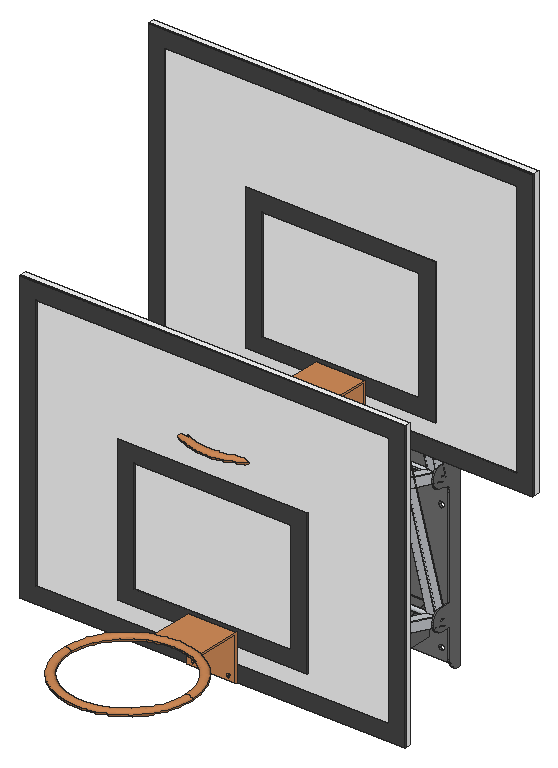
Revit family "väggbasket_auto", category Generic Models, Revit 2017
Family settings
  Can host rebar = No
  Round Connector Dimension = Use Diameter
  Part Type = Normal
  Work Plane-Based = No
  Always vertical = Yes
  Cut with Voids When Loaded = No
  Shared = No
  Room Calculation Point = No
Parameters (values of type "Basket 1200x900")
  hojd_tavla = 900 mm
  bredd_tavla = 1200 mm
  URL = "www.saxi.se"
  Model = "Väggbasket Auto 1800x1050"
  Manufacturer = "Saxi Vägg AB"
Types (3, lengths in mm): name | hojd_tavla | bredd_tavla
  (no name) | 900 | 1200
  Basket 1800x1050 | 1050 | 1800
  Basket 1200x900 | 900 | 1200
Reference planes
  plane 1 "Center (Front/Back)": y = 0
  plane 2: z = 0
  plane 3 "Center (Left/Right)": x = 0
  plane 4 "senior": z = 3050
Lines and regions (mm)
  reference lines
    curve 1: line (0, 134.522, 2989.751) -> (0, -708.663, 3231.53)
    curve 2: line (0, 134.522, 2989.751) -> (0, -103.905, 2158.259)
    curve 3: line (0, 589.292, 2694.725) -> (0, 370.688, 3264.209)
    curve 4: line (0, 925.045, 1896.529) -> (0, 547.265, 3214.006)
    curve 5: line (0, 739.522, 2764.751) -> (0, 618.247, 3372.774)
    curve 6: line (0, 739.522, 2764.751) -> (0, 170.378, 2609.264)
    curve 7: line (0, 925.045, 1896.529) -> (0, 925.045, 3360.046)
Dimensions and locks
  locked: plane 4 "senior" to level at 3050
  locked: nested 5 to plane 1 "Center (Front/Back)" at 800
  nested 5 to plane 2 = 2650 mm
  nested 11 to level = 3384 mm
  nested 5 to nested 11 = 300 mm
  locked: plane 4 "senior" to curve 1 (angle 16.00°)
  aligned and locked: level to plane 2
Nested families
  nested 1: "korg" at (0, 0, 3049.5) x (-1, 0, 0) z (0, 0, 1), type "korg"
  nested 2: "tavelram_auto" at (0, 20, 3480) x (-1, 0, 0) z (0, 0, 1), type "tavelram_auto"
  nested 3: "vikdel" at (125.149, 756.161, 2776.406) x (-1, 0, 0) z (0, -0.2756, -0.9613), type "vikdel"
  nested 4: "vikdel2" at (-124.851, 35.272, 3386.092) x (1, 0, 0) z (0, -0.2756, -0.9613), type "vikdel2"
  nested 5: "vägginfästning" at (0, 800, 2615), type "vägginfästning"
  nested 6: "sidostag" at (-31.25, 579.013, 3060.147) x (0, -0.3584, 0.9336) z (1, 0, 0), type "sidostag"
  nested 7: "gasfjäder" at (7.846, 677.055, 2681.861) x (1, 0, 0) z (0, -0.2756, 0.9613), type "gasfjäder"
  nested 8: "tavlaautoadjust" at (0, 2, 2900) x (-1, 0, 0) z (0, 0, 1), type "tavlaautoadjust"
    with hojd 900 mm, half_hojd 450 mm, half_bredd 600 mm, bredd 1200 mm, H 900 mm, B 1200 mm
  nested 9: "korg" at (0, 500, 3533.5) x (-1, 0, 0) z (0, 0, 1), type "korg"
  nested 10: "tavelram_auto" at (0, 521, 3964) x (-1, 0, 0) z (0, 0, 1), type "tavelram_auto"
  nested 11: "tavlaautoadjust" at (0, 502, 3384) x (-1, 0, 0) z (0, 0, 1), type "tavlaautoadjust"
    with hojd 900 mm, half_hojd 450 mm, half_bredd 600 mm, bredd 1200 mm, H 900 mm, B 1200 mm
  nested 12: "vikdel" at (-126.13, 558.241, 3481.301) x (1, 0, 0) z (0, -0.9646, -0.2635), type "vikdel"
  nested 13: "vikdel2" at (-123.805, 557.099, 3880.315) x (1, 0, 0) z (0, -0.9646, -0.2635), type "vikdel2"
  nested 14: "gasfjäder_open" at (-5.318, 671.774, 2783.275), type "gasfjäder_open"
Definition of nested family "korg"
  Reference planes
    plane 1 "Center (Front/Back)": y = 0
    plane 2: z = 0
    plane 3 "Center (Left/Right)": x = 0
  Forms (mm)
    Extrusion 1, solid
      sketch origin (0, 0, 0) x (0, 1, 0) y (0, 0, 1)
        loop
          line (0, -9.5) -> (0, -149.5) -> (5, -149.5) -> (5, -14.5) -> (150, -14.5) -> (150, -9.5) -> (0, -9.5)
      from -75 to 75
    Sweep 2, solid
      path origin (0, 0, 0) x (1, 0, 0) y (0, 1, 0)
        loop
          circle (0, 330.5) r 189.5
      profile origin (0, 520, 0) x (0, -1, 0) y (0, 0, 1)
        loop
          spline (12.655, -8.5) -> (12.229, -6.3) -> (10.98, -4.25) -> (8.994, -2.49) -> (6.405, -1.139) -> (3.39, -0.29) -> (0.155, 0) -> (-3.08, -0.29) -> (-6.095, -1.139) -> (-8.684, -2.49) -> (-10.67, -4.25) -> (-11.919, -6.3) -> (-12.345, -8.5)
          spline (-12.345, -8.5) -> (-11.919, -10.7) -> (-10.67, -12.75) -> (-8.684, -14.51) -> (-6.095, -15.861) -> (-3.08, -16.71) -> (0.155, -17) -> (3.39, -16.71) -> (6.405, -15.861) -> (8.994, -14.51) -> (10.98, -12.75) -> (12.229, -10.7) -> (12.655, -8.5)
    Extrusion 3, void
      sketch origin (0, 5, -25) x (0, 0, -1) y (-1, 0, 0)
        loop
          circle (109.5, 55) r 6
        loop
          circle (109.5, -55) r 6
      from -75 to 75
  Cuts and joins
    Extrusion 3 cuts Extrusion 1
    Extrusion 3 cuts Sweep 2
    joined: Extrusion 1, Sweep 2
  Dimensions and locks
    locked: level to Extrusion 1 sketch curve at 9.5
    Extrusion 1 to Sweep 2 sketch curve = 141 mm
    Sweep 2 sketch curve to profile plane = 0 mm
    cut or joined group of Extrusion 1, Sweep 2, Extrusion 3 to Extrusion 3 sketch curve = 20 mm  (x2)
    cut or joined group of Extrusion 1, Sweep 2, Extrusion 3 to Extrusion 3 sketch curve = 15 mm  (x2)
    aligned and locked: level to plane 2
Definition of nested family "tavelram_auto"
  Reference planes
    plane 1 "Center (Front/Back)": y = 0
    plane 2: z = 0
    plane 3 "Center (Left/Right)": x = 0
  Forms (mm)
    Extrusion 1, solid
      sketch origin (0, 0, 0) x (0, 1, 0) y (0, 0, 1)
        loop
          line (0, 0) -> (0, 40) -> (-5, 40) -> (-5, 5) -> (-40, 5) -> (-40, 0) -> (0, 0)
      from -400 to 400
    Extrusion 2, solid
      sketch origin (-101.974, -40, 0) x (1, 0, 0) y (0, -1, 0)
        loop
          line (-64.026, -40) -> (-24.026, -40) -> (-24.026, 0) -> (-29.026, 0) -> (-29.026, -35) -> (-64.026, -35) -> (-64.026, -40)
      from 0 to 580
    Extrusion 3, solid
      sketch origin (101.974, -40, 0) x (1, 0, 0) y (0, -1, 0)
        loop
          line (64.026, -40) -> (64.026, -35) -> (29.026, -35) -> (29.026, 0) -> (24.026, 0) -> (24.026, -40) -> (64.026, -40)
      from 0 to 580
    Extrusion 4, solid
      sketch origin (126, -40, -72.235) x (0, 1, 0) y (0, 0, -1)
        loop
          line (40, 417.765) -> (35, 417.765) -> (35, 382.765) -> (0, 382.765) -> (0, 377.765) -> (40, 377.765) -> (40, 417.765)
      from 0 to 252
  Dimensions and locks
    plane 3 "Center (Left/Right)" to Extrusion 2 = 166 mm
    Extrusion 4 to Extrusion 1 = 450 mm
    aligned and locked: level to plane 2
Definition of nested family "vikdel"
  Parameters (values of type "vikdel")
    Default Elevation = 1219.2 mm
  Reference planes
    plane 1 "Center (Front/Back)": y = 0
    plane 2: z = 0
    plane 3 "Center (Left/Right)": x = 0
  Forms (mm)
    Extrusion 1, solid
      sketch origin (0, 0, 0) x (1, 0, 0) y (0, 0, 1)
        loop
          line (0.689, 0) -> (29.342, 0)
          arc (29.342, 0) -> (29.807, 0.193) -> (30, 0.658) r 0.658
          line (30, 0.658) -> (30, 29.007)
          arc (30, 29.007) -> (29.709, 29.709) -> (29.007, 30) r 0.993
          line (29.007, 30) -> (0.584, 30)
          arc (0.584, 30) -> (0.171, 29.829) -> (0, 29.416) r 0.584
          line (0, 29.416) -> (0, 0.689)
          arc (0, 0.689) -> (0.202, 0.202) -> (0.689, 0) r 0.689
        loop
          line (3, 3) -> (27, 3) -> (27, 27) -> (3, 27) -> (3, 3)
      from 0 to 745
    Extrusion 2, solid
      sketch origin (250, 0, 0) x (-1, 0, 0) y (0, 0, -1)
        loop
          arc (0.689, 0) -> (0.202, -0.202) -> (0, -0.689) r 0.689
          line (0, -0.689) -> (0, -29.416)
          arc (0, -29.416) -> (0.171, -29.829) -> (0.584, -30) r 0.584
          line (0.584, -30) -> (29.007, -30)
          arc (29.007, -30) -> (29.709, -29.709) -> (30, -29.007) r 0.993
          line (30, -29.007) -> (30, -0.658)
          arc (30, -0.658) -> (29.807, -0.193) -> (29.342, 0) r 0.658
          line (29.342, 0) -> (0.689, 0)
        loop
          line (3, -3) -> (3, -27) -> (27, -27) -> (27, -3) -> (3, -3)
      from 0 to 745
    Extrusion 3, solid
      sketch origin (30, 0, 0) x (0, 0, 1) y (0, -1, 0)
        loop
          circle (13.421, 12.81) r 7
      from 0 to 190
    Extrusion 4, solid
      sketch origin (30, 0, 0) x (0, 0, 1) y (0, -1, 0)
        loop
          circle (14.169, 733.249) r 7
      from 0 to 190
  Lines and regions (mm)
    reference lines
      curve 1: line (125, 0, 118.093) -> (125, 0, -46.907)
  Dimensions and locks
    curve 1 to Extrusion 1 = 95 mm
    aligned and locked: level to plane 2
Definition of nested family "vikdel2"
  Parameters (values of type "vikdel2")
    Default Elevation = 1219.2 mm
  Reference planes
    plane 1 "Center (Front/Back)": y = 0
    plane 2: z = 0
    plane 3 "Center (Left/Right)": x = 0
  Forms (mm)
    Extrusion 1, solid
      sketch origin (0, 0, 0) x (1, 0, 0) y (0, 0, 1)
        loop
          line (0.689, 0) -> (29.342, 0)
          arc (29.342, 0) -> (29.807, 0.193) -> (30, 0.658) r 0.658
          line (30, 0.658) -> (30, 29.007)
          arc (30, 29.007) -> (29.709, 29.709) -> (29.007, 30) r 0.993
          line (29.007, 30) -> (0.584, 30)
          arc (0.584, 30) -> (0.171, 29.829) -> (0, 29.416) r 0.584
          line (0, 29.416) -> (0, 0.689)
          arc (0, 0.689) -> (0.202, 0.202) -> (0.689, 0) r 0.689
        loop
          line (3, 3) -> (27, 3) -> (27, 27) -> (3, 27) -> (3, 3)
      from 0 to 745
    Extrusion 2, solid
      sketch origin (250, 0, 0) x (-1, 0, 0) y (0, 0, -1)
        loop
          arc (0.689, 0) -> (0.202, -0.202) -> (0, -0.689) r 0.689
          line (0, -0.689) -> (0, -29.416)
          arc (0, -29.416) -> (0.171, -29.829) -> (0.584, -30) r 0.584
          line (0.584, -30) -> (29.007, -30)
          arc (29.007, -30) -> (29.709, -29.709) -> (30, -29.007) r 0.993
          line (30, -29.007) -> (30, -0.658)
          arc (30, -0.658) -> (29.807, -0.193) -> (29.342, 0) r 0.658
          line (29.342, 0) -> (0.689, 0)
        loop
          line (3, -3) -> (3, -27) -> (27, -27) -> (27, -3) -> (3, -3)
      from 0 to 745
    Extrusion 3, solid
      sketch origin (30, 0, 1.25) x (0, 0, 1) y (0, -1, 0)
        loop
          circle (13.421, 12.81) r 7
      from 0 to 190
    Extrusion 4, solid
      sketch origin (30, 0, 0) x (0, 0, 1) y (0, -1, 0)
        loop
          circle (14.169, 733.249) r 7
      from 0 to 190
    Extrusion 5, solid
      sketch origin (30, 153.629, 0.892) x (0, 0, 1) y (0, -1, 0)
        loop
          circle (13.677, 521.879) r 7
      from 0 to 190
  Lines and regions (mm)
    reference lines
      curve 1: line (125, 0, 118.093) -> (125, 0, -46.907)
  Dimensions and locks
    curve 1 to Extrusion 1 = 95 mm
    Extrusion 4 to Extrusion 5 = 364.999 mm
    aligned and locked: level to plane 2
Definition of nested family "vägginfästning"
  Reference planes
    plane 1 "Center (Front/Back)": y = 0
    plane 2: z = 0
    plane 3 "Center (Left/Right)": x = 0
  Forms (mm)
    Extrusion 1, solid
      sketch origin (0, 0, 0) x (0, 1, 0) y (0, 0, 1)
        loop
          line (0, 0) -> (0, 900) -> (-5, 900) -> (-5, 0) -> (0, 0)
      from -132 to 132
    Extrusion 2, solid
      sketch origin (132, -45, -324.826) x (0, 1, 0) y (0, 0, 1)
        loop
          circle (-26, 884.826) r 6
        loop
          circle (-26, 484.826) r 6
        loop
          arc (-26, 917.326) -> (-58.5, 884.826) -> (-26, 852.326) r 32.5
          line (-26, 852.326) -> (-20, 852.326)
          arc (-20, 852.326) -> (-2.322, 845.003) -> (5, 827.326) r 25
          line (5, 827.326) -> (5, 517.326) -> (-26, 517.326)
          arc (-26, 517.326) -> (-58.5, 484.826) -> (-26, 452.326) r 32.5
          line (-26, 452.326) -> (5, 452.326) -> (5, 359.826)
          arc (5, 359.826) -> (15.251, 335.077) -> (40, 324.826) r 35
          line (40, 324.826) -> (45, 324.826) -> (45, 1224.826) -> (39.2, 1224.826)
          arc (39.2, 1224.826) -> (21.812, 1217.788) -> (14.213, 1200.638) r 25
          line (14.213, 1200.638) -> (5.787, 941.513)
          arc (5.787, 941.513) -> (-1.812, 924.363) -> (-19.2, 917.326) r 25
          line (-19.2, 917.326) -> (-26, 917.326)
      from -5 to 0
    Extrusion 3, solid
      sketch origin (-132, -45, -324.826) x (0, 1, 0) y (0, 0, -1)
        loop
          circle (-26, -884.826) r 6
        loop
          circle (-26, -484.826) r 6
        loop
          line (-26, -917.326) -> (-19.2, -917.326)
          arc (-19.2, -917.326) -> (-1.812, -924.363) -> (5.787, -941.513) r 25
          line (5.787, -941.513) -> (14.213, -1200.638)
          arc (14.213, -1200.638) -> (21.812, -1217.788) -> (39.2, -1224.826) r 25
          line (39.2, -1224.826) -> (45, -1224.826) -> (45, -324.826) -> (40, -324.826)
          arc (40, -324.826) -> (15.251, -335.077) -> (5, -359.826) r 35
          line (5, -359.826) -> (5, -452.326) -> (-26, -452.326)
          arc (-26, -452.326) -> (-58.5, -484.826) -> (-26, -517.326) r 32.5
          line (-26, -517.326) -> (5, -517.326) -> (5, -827.326)
          arc (5, -827.326) -> (-2.322, -845.003) -> (-20, -852.326) r 25
          line (-20, -852.326) -> (-26, -852.326)
          arc (-26, -852.326) -> (-58.5, -884.826) -> (-26, -917.326) r 32.5
      from -5 to 0
    Extrusion 4, void
      sketch origin (0, 0, 0) x (1, 0, 0) y (0, 0, 1)
        loop
          circle (80, 35) r 9
        loop
          circle (80, 435) r 9
        loop
          circle (80, 835) r 9
        loop
          circle (-80, 35) r 9
        loop
          circle (-80, 435) r 9
        loop
          circle (-80, 835) r 9
      from -20 to 20
    Extrusion 5, solid
      sketch origin (0, 0, 0) x (0, 1, 0) y (0, 0, 1)
        loop
          line (-5, 50) -> (-5, 150) -> (-10, 150) -> (-10, 50) -> (-5, 50)
      from -40 to 40
    Extrusion 6, solid
      sketch origin (40, 0, 0) x (0, 1, 0) y (0, 0, 1)
        loop
          circle (-226, 75) r 5
        loop
          arc (-231.569, 99.372) -> (-250.842, 72.198) -> (-226, 50) r 25
          line (-226, 50) -> (-5, 50) -> (-5, 150) -> (-10, 150) -> (-231.569, 99.372)
        loop
          circle (-127, 74.862) r 5
      from -5 to 0
    Extrusion 7, solid
      sketch origin (-40, 0, 0) x (0, 1, 0) y (0, 0, -1)
        loop
          circle (-226, -75) r 5
        loop
          line (-231.569, -99.372) -> (-10, -150) -> (-5, -150) -> (-5, -50) -> (-226, -50)
          arc (-226, -50) -> (-250.842, -72.198) -> (-231.569, -99.372) r 25
        loop
          circle (-127, -74.862) r 5
      from -5 to 0
  Cuts and joins
    Extrusion 4 cuts Extrusion 1
    Extrusion 4 cuts Extrusion 2
    Extrusion 4 cuts Extrusion 3
    joined: Extrusion 1, Extrusion 2, Extrusion 3
    joined: Extrusion 5, Extrusion 6, Extrusion 7
  Dimensions and locks
    Extrusion 1 to Extrusion 2 sketch curve = 71 mm  (x2)
    Extrusion 2 sketch curve to level = 160 mm
    Extrusion 2 sketch curve to level = 560 mm
    Extrusion 1 to Extrusion 2 sketch curve = 40 mm
    Extrusion 4 sketch curve to level = 35 mm
    Extrusion 4 sketch curve to plane 3 "Center (Left/Right)" = 80 mm
    Extrusion 6 sketch curve to cut or joined group of Extrusion 1, Extrusion 2, Extrusion 3, Extrusion 4 = 221 mm
    Extrusion 6 sketch curve to level = 75 mm
    Extrusion 6 sketch curve to cut or joined group of Extrusion 1, Extrusion 2, Extrusion 3, Extrusion 4 = 122 mm
    aligned and locked: level to plane 2
Definition of nested family "sidostag"
  Parameters (values of type "sidostag")
    Default Elevation = 1219.2 mm
  Reference planes
    plane 1 "Center (Front/Back)": y = 0
    plane 2: z = 0
    plane 3 "Center (Left/Right)": x = 0
  Forms (mm)
    Extrusion 1, solid
      sketch origin (-105, 149, 44) x (0, 0, -1) y (0, -1, 0)
        loop
          line (0, 0) -> (25, 0) -> (25, 25) -> (0, 25) -> (0, 0)
        loop
          line (2, 23) -> (2, 2) -> (23, 2) -> (23, 23) -> (2, 23)
      from 0 to 255
    Extrusion 2, solid
      sketch origin (-105, 149, 44) x (0, 0, 1) y (0, -1, 0)
        loop
          line (-27.5, 27.5) -> (-27.5, -2.5) -> (2.5, -2.5) -> (2.5, 27.5) -> (-27.5, 27.5)
        loop
          line (0.5, 25.5) -> (-25.5, 25.5) -> (-25.5, -0.5) -> (0.5, -0.5) -> (0.5, 25.5)
      from 0 to 490
    Extrusion 3, solid
      sketch origin (-105, 149, 44) x (0, -1, 0) y (1, 0, 0)
        loop
          line (27.5, 445) -> (27.5, 439) -> (65.5, 439) -> (65.5, 445) -> (27.5, 445)
        loop
          line (27.5, 345) -> (27.5, 339) -> (65.5, 339) -> (65.5, 345) -> (27.5, 345)
      from 0 to -27.5
  Dimensions and locks
    Extrusion 2 to Extrusion 3 sketch curve = 45 mm
    aligned and locked: level to plane 2
Definition of nested family "gasfjäder"
  Parameters (values of type "gasfjäder")
    Default Elevation = 1219.2 mm
  Reference planes
    plane 1 "Center (Front/Back)": y = 0
    plane 2: z = 0
    plane 3 "Center (Left/Right)": x = 0
    plane 4 "2": z = 559.704
  Forms (mm)
    Extrusion 1, solid
      sketch origin (0, 0, 0) x (1, 0, 0) y (0, 1, 0)
        loop
          circle (0, 0) r 7
      from 0 to 215
    Revolve 2, solid
      sketch origin (0, 0, 0) x (0, 1, 0) y (0, 0, 1)
        loop
          line (0, 215) -> (0, 560) -> (-11, 560)
          arc (-11, 560) -> (-13.121, 559.121) -> (-14, 557) r 3
          line (-14, 557) -> (-14, 552.613)
          arc (-14, 552.613) -> (-12.5, 551.113) -> (-14, 549.613) r 1.5
          line (-14, 549.613) -> (-14, 241.5)
          arc (-14, 241.5) -> (-12.5, 240) -> (-14, 238.5) r 1.5
          line (-14, 238.5) -> (-14, 231.5)
          arc (-14, 231.5) -> (-12.5, 230) -> (-14, 228.5) r 1.5
          line (-14, 228.5) -> (-14, 218)
          arc (-14, 218) -> (-13.121, 215.879) -> (-11, 215) r 3
          line (-11, 215) -> (0, 215)
        axis (0, 560) -> (0, 215)
      angle from 0 to 360
    Extrusion 3, solid
      sketch origin (0, 0, 559.704) x (0, 1, 0) y (-1, 0, 0)
        loop
          circle (0, 0) r 7
      from 0 to 25
    Extrusion 4, void
      sketch origin (0, 0, 584.704) x (-1, 0, 0) y (0, 1, 0)
        loop
          line (-3.058, 8.429) -> (-8.579, 8.429) -> (-8.579, -7.849) -> (-3.058, -7.849) -> (-3.058, 8.429)
        loop
          line (3.058, 8.429) -> (3.058, -7.849) -> (8.579, -7.849) -> (8.579, 8.429) -> (3.058, 8.429)
      from 0 to 18
  Cuts and joins
    Extrusion 4 cuts Extrusion 3
  Dimensions and locks
    aligned and locked: level to plane 2
Definition of nested family "tavlaautoadjust"
  Parameters (values of type "tavlaautoadjust")
    hojd = H  # 1050 mm
    half_hojd = hojd / 2  # 525 mm
    half_bredd = bredd / 2  # 900 mm
    bredd = B  # 1800 mm
    H = 1050 mm
    B = 1800 mm
  Reference planes
    plane 1 "Center (Front/Back)": y = 0
    plane 2: z = 0
    plane 3 "Center (Left/Right)": x = 0
    plane 4 "Hoop": z = -163.034
  Forms (mm)
    Extrusion 1, solid
      sketch origin (0, 0, 0) x (1, 0, 0) y (0, 0, 1)
        loop
          line (-900, 0) -> (900, 0) -> (900, 1050) -> (-900, 1050) -> (-900, 0)
      from 0 to 19
    Extrusion 2, solid
      sketch origin (0, 0, 0) x (1, 0, 0) y (0, 0, 1)
        loop
          line (-900, 1050) -> (-900, 0) -> (900, 0) -> (900, 1050) -> (-900, 1050)
        loop
          line (-850, 1000) -> (-850, 50) -> (850, 50) -> (850, 1000) -> (-850, 1000)
      from -2 to 2
    Extrusion 3, solid
      sketch origin (0, 0, 0) x (1, 0, 0) y (0, 0, 1)
        loop
          line (-295, 550) -> (-295, 100) -> (295, 100) -> (295, 550) -> (-295, 550)
        loop
          line (-245, 500) -> (-245, 150) -> (245, 150) -> (245, 500) -> (-245, 500)
      from -2 to 2
  Dimensions and locks
    "bredd": Extrusion 1 sketch curve to Extrusion 1 sketch curve
    "half_bredd": Extrusion 1 sketch curve to plane 3 "Center (Left/Right)"
    "hojd": Extrusion 1 sketch curve to Extrusion 1 sketch curve
    locked: Extrusion 1 to Extrusion 2 sketch curve at 50  (x3)
    locked: Extrusion 2 sketch curve to Extrusion 1 at 50
    locked: Extrusion 3 sketch curve to Extrusion 3 sketch curve at 590
    locked: Extrusion 3 sketch curve to Extrusion 3 sketch curve at 450
    locked: Extrusion 3 sketch curve to level at 100
    locked: Extrusion 3 sketch curve to plane 3 "Center (Left/Right)" at 295
    aligned and locked: level to plane 2
    aligned and locked: Extrusion 1 sketch curve to level
    aligned and locked: Extrusion 2 sketch curve to Extrusion 1  (x4)
  Automatic sketch dimensions
    Extrusion 3 sketch curve to Extrusion 3 sketch curve = 50 mm  (x4)
Definition of nested family "gasfjäder_open"
  Parameters (values of type "gasfjäder_open")
    Default Elevation = 1219.2 mm
  Reference planes
    plane 1 "Center (Front/Back)": y = 0
    plane 2: z = 0
    plane 3 "Center (Left/Right)": x = 0
    plane 4 "2": z = 559.704
  Forms (mm)
    Extrusion 1, solid
      sketch origin (0, 0, 0) x (1, 0, 0) y (0, 1, 0)
        loop
          circle (0, 0) r 7
      from -103.04 to 215
    Revolve 2, solid
      sketch origin (0, 0, 0) x (0, 1, 0) y (0, 0, 1)
        loop
          line (0, 215) -> (0, 560) -> (-11, 560)
          arc (-11, 560) -> (-13.121, 559.121) -> (-14, 557) r 3
          line (-14, 557) -> (-14, 552.613)
          arc (-14, 552.613) -> (-12.5, 551.113) -> (-14, 549.613) r 1.5
          line (-14, 549.613) -> (-14, 241.5)
          arc (-14, 241.5) -> (-12.5, 240) -> (-14, 238.5) r 1.5
          line (-14, 238.5) -> (-14, 231.5)
          arc (-14, 231.5) -> (-12.5, 230) -> (-14, 228.5) r 1.5
          line (-14, 228.5) -> (-14, 218)
          arc (-14, 218) -> (-13.121, 215.879) -> (-11, 215) r 3
          line (-11, 215) -> (0, 215)
        axis (0, 560) -> (0, 215)
      angle from 0 to 360
    Extrusion 3, solid
      sketch origin (0, 0, 559.704) x (0, 1, 0) y (-1, 0, 0)
        loop
          circle (0, 0) r 7
      from 0 to 25
    Extrusion 4, void
      sketch origin (0, 0, 584.704) x (-1, 0, 0) y (0, 1, 0)
        loop
          line (-3.058, 8.429) -> (-8.579, 8.429) -> (-8.579, -7.849) -> (-3.058, -7.849) -> (-3.058, 8.429)
        loop
          line (3.058, 8.429) -> (3.058, -7.849) -> (8.579, -7.849) -> (8.579, 8.429) -> (3.058, 8.429)
      from 0 to 18
  Cuts and joins
    Extrusion 4 cuts Extrusion 3
  Dimensions and locks
    level to Extrusion 1 = 103.04 mm
    aligned and locked: level to plane 2
